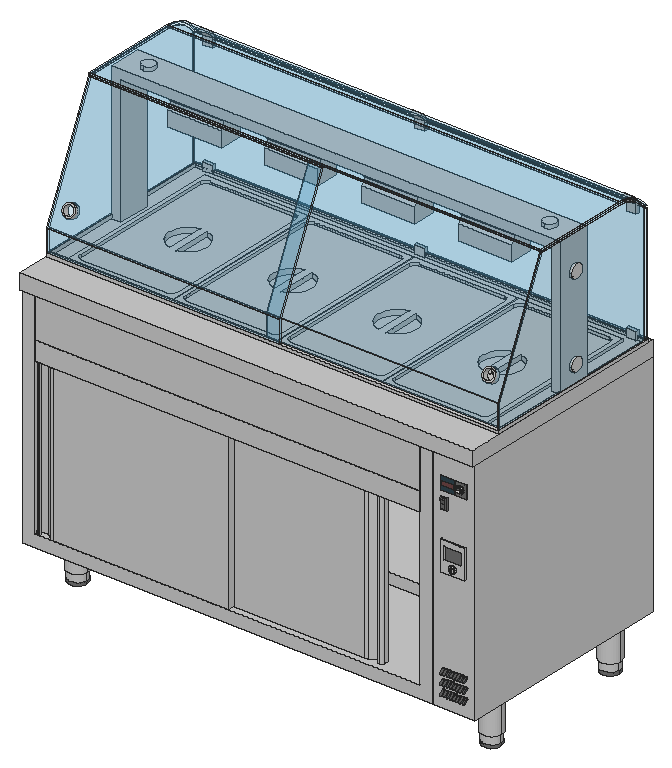
Revit family "QF_INOMAK_MIV714_250606030037", category Specialty Equipment, Revit 2021 (continued)
Definition of nested family "QF_INOMAK_LEGS_6254"
  Definition of nested family "QF_INOMAK_LEG"
    Forms (mm)
      Extrusion 1, solid
        sketch origin (0, 0, 118) x (0, 1, 0) y (-1, 0, 0)
          loop
            line (50, 45) -> (-50, 45) -> (-50, -45) -> (50, -45) -> (50, 45)
        from 0 to -3
      Extrusion 2, solid
        sketch origin (-199.986, 580, 0) x (1, 0, 0) y (0, 1, 0)
          loop
            circle (199.986, -580) r 28
        from 9 to 35
      Extrusion 3, solid
        sketch origin (-199.986, 580, 0) x (1, 0, 0) y (0, 1, 0)
          loop
            circle (199.986, -580) r 28.5
        from 0 to 9
      Sweep 4, solid
        path origin (0, 0, 0) x (0, 1, 0) y (0, 0, 1)
          loop
            line (0, 115) -> (0, 35)
        profile origin (0, 0, 75) x (1, 0, 0) y (0, 1, 0)
          loop
            circle (0, 0) r 32
    Dimensions and locks
      "Height": plane 4 "Top" to plane 2
      aligned and locked: level to plane 2
    Automatic sketch dimensions
      plane 1 "Center (Front/Back)" to Extrusion 1 sketch curve = 50 mm
      Extrusion 1 sketch curve to plane 1 "Center (Front/Back)" = 50 mm
      plane 3 "Center (Left/Right)" to Extrusion 1 sketch curve = 45 mm
      Extrusion 1 sketch curve to plane 3 "Center (Left/Right)" = 45 mm
      plane 1 "Center (Front/Back)" to Extrusion 2 sketch curve = 0 mm
      Extrusion 2 sketch curve to plane 3 "Center (Left/Right)" = 0 mm
      plane 1 "Center (Front/Back)" to Extrusion 3 sketch curve = 0 mm
      Extrusion 3 sketch curve to plane 3 "Center (Left/Right)" = 0 mm
      Sweep 4 sketch curve to plane 1 "Center (Front/Back)" = 0 mm
      level to Sweep 4 sketch curve = 35 mm
      Sweep 4 sketch curve to plane 4 "Top" = 3 mm
      Sweep 4 sketch curve to plane 3 "Center (Left/Right)" = 0 mm
      profile plane to Sweep 4 sketch curve = 0 mm
      radius of Extrusion 2 sketch curve = 28 mm
      radius of Extrusion 3 sketch curve = 28.5 mm
      radius of Sweep 4 sketch curve = 32 mm
Definition of nested family "CONN_POINT_COLDWATER_2D___Generic_Annotation"
  Parameters (values of type "CONN_POINT_COLDWATER_2D___Generic_Annotation")
    Onboard connection annotation symbol visibility [instance] = yes
  Reference planes
    plane 1: y = 0
    plane 2: x = 0
  Lines and regions (mm)
    detail lines, visible <- "Onboard connection annotation symbol visibility"
      curve 1: circle (0, 0, 0) r 0.5 normal (0, 0, 1)
      curve 2: line (-1, 0, 0) -> (1, 0, 0)
      curve 3: line (0, 1, 0) -> (0, -1, 0)
      curve 4: line (3.241, 1, 0) -> (3.717, -1, 0)
      curve 5: line (3.717, -1, 0) -> (4.193, 1, 0)
      curve 6: line (4.193, 1, 0) -> (4.669, -1, 0)
      curve 7: line (4.669, -1, 0) -> (5.145, 1, 0)
      curve 8: arc (2.67, 0.524, 0) -> (2.004, 1, 0) -> (1.337, 0.524, 0) r 0.704
      curve 9: arc (1.337, -0.524, 0) -> (2.004, -1, 0) -> (2.67, -0.524, 0) r 0.704
      curve 10: arc (1.337, 0.524, 0) -> (1.25, 0, 0) -> (1.337, -0.524, 0) r 1.616
Definition of nested family "CONN_POINT_DRAIN_2D___Generic_Annotation"
  Parameters (values of type "CONN_POINT_DRAIN_2D___Generic_Annotation")
    Onboard connection annotation symbol visibility [instance] = yes
  Reference planes
    plane 1: y = 0
    plane 2: x = 0
  Lines and regions (mm)
    detail lines, visible <- "Onboard connection annotation symbol visibility"
      curve 1: circle (0, 0, 0) r 0.5 normal (0, 0, 1)
      curve 2: line (-1, 0, 0) -> (1, 0, 0)
      curve 3: line (0, 1, 0) -> (0, -1, 0)
      curve 4: line (1.776, 1, 0) -> (1.25, 1, 0)
      curve 5: line (1.25, 1, 0) -> (1.25, -1, 0)
      curve 6: line (1.25, -1, 0) -> (1.776, -1, 0)
      curve 7: arc (2.206, -0.862, 0) -> (2.459, -0.589, 0) -> (2.583, -0.238, 0) r 0.918
      curve 8: arc (2.583, 0.238, 0) -> (2.459, 0.589, 0) -> (2.206, 0.862, 0) r 0.918
      curve 9: arc (2.583, -0.238, 0) -> (2.599, 0, 0) -> (2.583, 0.238, 0) r 1.77
      curve 10: arc (2.206, 0.862, 0) -> (2.002, 0.965, 0) -> (1.776, 1, 0) r 0.741
      curve 11: arc (1.776, -1, 0) -> (2.002, -0.965, 0) -> (2.206, -0.862, 0) r 0.741
Definition of nested family "CONN_POINT_ELE_2D___Generic_Annotation"
  Parameters (values of type "CONN_POINT_ELE_2D___Generic_Annotation")
    Onboard connection annotation symbol visibility [instance] = yes
  Reference planes
    plane 1: y = 0
    plane 2: x = 0
  Lines and regions (mm)
    detail lines, visible <- "Onboard connection annotation symbol visibility"
      curve 1: circle (0, 0, 0) r 0.5 normal (0, 0, 1)
      curve 2: line (-1, 0, 0) -> (1, 0, 0)
      curve 3: line (0, 1, 0) -> (0, -1, 0)
      curve 4: line (2.5, 1, 0) -> (1.25, 1, 0)
      curve 5: line (1.25, 1, 0) -> (1.25, -1, 0)
      curve 6: line (1.25, -1, 0) -> (2.5, -1, 0)
      curve 7: line (1.25, 0, 0) -> (2, 0, 0)
